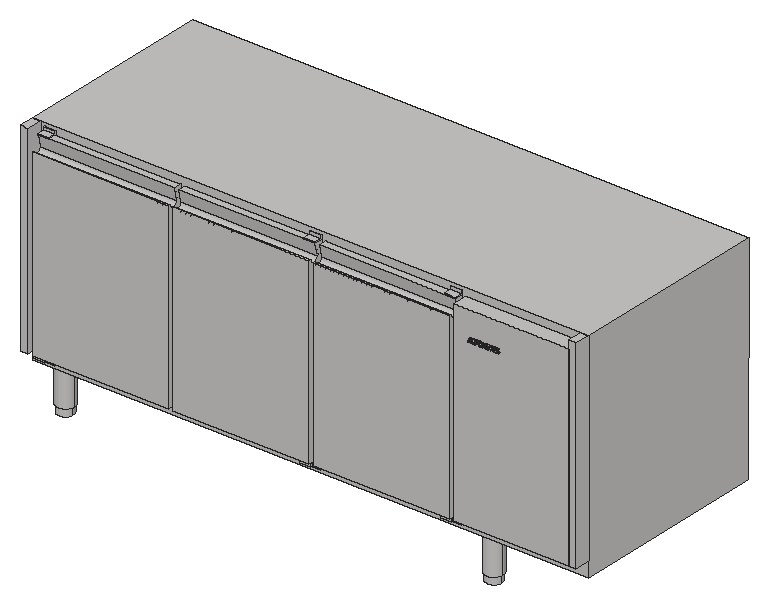
Revit family "QF_ALPENINOX_712277_AH3K5AAA", category Attrezzature speciali, Revit 2018
Family settings
  Quota connettore circolare = Usa diametro
  Tipo di parte = Normale
  Basato su piano di lavoro = No
  Sempre verticale = Sì
  Taglio con vuoti quando caricato = No
  Condiviso = No
  Punto di calcolo locali = No
Parameters (values of type "Standard")
  Weight = 120.00 kg
  Watts = 490 W
  Volts = 220 V
  URL Manufacturer = "http://www.alpeninox.com"
  URL = "http://www.alpeninox.com"
  Steam Supply Size = 0 mm
  Steam Supply Minimum Pressure = 0.0 Pa
  Steam Supply Maximum Pressure = 0.0 Pa
  Steam Consumption per Hour = 0
  Refrigeration Suction Line Size = 0 mm
  Refrigeration Liquid Line Size = 0 mm
  Refrigerant Compressor Remote = yes
  Produttore = "Alpeninox"
  Phase = 1
  Modello = "AH3K5AAA"
  Length Actual = 1795 mm  # constant formula
  Item Number = "712277"
  Hot Water Size = 0 mm
  Height Actual = 850 mm  # constant formula
  HP = "0.7 HP"
  Gas Size = 0 mm
  Gas KW = 0
  Gas Input Pressure = 0 W
  Direct Waste Size = 0 mm
  Descrizione = "FREEZ.COUNTER 440L 3xDOOR NOTOP CU_RGT GALV"
  Depth Actual = 700 mm  # constant formula
  Cycle = 50 Hz
  Condensate Return Size = 0 mm
  Compressed Air Volume = 0.0 L/s
  Compressed Air Size = 0 mm
  Compressed Air Pressure = 0.0 Pa
  Cold Water Size = 0 mm
  Accessory = yes
Values of the unnamed type that differ from the named types
  Weight = 0.00 kg
  Watts = 0 W
  Volts = 0 V
  URL Manufacturer = ""
  Item Number = ""
  HP = ""
  Cycle = 0 Hz
Reference planes
  plane 1: z = 0
  plane 2 "Center (Left/Right)": x = -126.5
  plane 3 "Center (Front/Back)": y = 64.5
  plane 4 "FEET": z = 150
  plane 5 "TOP": z = 900
  plane 6 "PLAIN": z = 850
  plane 7 "EI_back": y = 331
  plane 8 "EI_left": x = 687
  plane 9 "BACK": y = 412
  plane 10 "FRONT": y = -283
  plane 11 "DOOR": y = -233
  plane 12 "LEFT": x = -1024
  plane 13 "RIGHT": x = 771
  plane 14: x = -999
  plane 15: x = 746
Forms (mm)
  Extrusion 1, solid, material "QF_Finishes_Stainless Steel"
    sketch origin (-1022.223, -1524, 150) x (-1, 0, 0) y (0, -1, 0)
      loop
        circle (-1709.223, -1855) r 5
    from 0 to -40
  Extrusion 2, solid, material "QF_Finishes_Stainless Steel"
    sketch origin (-1022.223, -1524, 150) x (-1, 0, 0) y (0, -1, 0)
      loop
        line (-1768.223, -1291) -> (-1768.223, -1241) -> (-1793.223, -1241) -> (-1793.223, -1291) -> (-1768.223, -1291)
    from 48 to 700
  Extrusion 3, solid, material "QF_Finishes_Stainless Steel"
    sketch origin (-1022.223, -1524, 150) x (-1, 0, 0) y (0, -1, 0)
      loop
        line (1.777, -1936) -> (1.777, -1291) -> (-1793.223, -1291) -> (-1793.223, -1936) -> (1.777, -1936)
    from 0 to 700
  Extrusion 4, solid, material "QF_Finishes_Stainless Steel"
    sketch origin (769.223, -1524, 150) x (1, 0, 0) y (0, 1, 0)
      loop
        line (-1768.223, 1291) -> (-1793.223, 1291) -> (-1793.223, 1241) -> (-1768.223, 1241) -> (-1768.223, 1291)
    from 48 to 700
Lines and regions (mm)
  symbolic lines, style "SpecialityEquipmentHiddenLines"
    curve 1: line (-1024, 412, 150) -> (771, 412, 150)
    curve 2: line (-1024, -283, 150) -> (-1024, 412, 150)
    curve 3: line (771, -283, 150) -> (-1024, -283, 150)
    curve 4: line (771, 412, 150) -> (771, -283, 150)
    curve 5: line (-1024, -233, 150) -> (771, -233, 150)
    curve 6: line (746, -283, 150) -> (746, -233, 150)
    curve 7: line (-999, -283, 150) -> (-999, -233, 150)
Dimensions and locks
  plane 4 "FEET" to level = 150 mm
  plane 11 "DOOR" to plane 10 "FRONT" = 50 mm
  plane 6 "PLAIN" to plane 4 "FEET" = 700 mm
  plane 5 "TOP" to plane 6 "PLAIN" = 50 mm
  plane 12 "LEFT" to plane 14 = 25 mm
  plane 15 to plane 13 "RIGHT" = 25 mm
  plane 9 "BACK" to plane 7 "EI_back" = 81 mm
  plane 12 "LEFT" to plane 8 "EI_left" = 1711 mm
  plane 12 "LEFT" to plane 13 "RIGHT" = 1795 mm
  equal spacing: plane 12 "LEFT", plane 2 "Center (Left/Right)", plane 13 "RIGHT"
  plane 9 "BACK" to plane 10 "FRONT" = 695 mm
  equal spacing: plane 9 "BACK", plane 3 "Center (Front/Back)", plane 10 "FRONT"
  aligned and locked: level to plane 1
Automatic sketch dimensions
  Extrusion 1 sketch curve to plane 7 "EI_back" = 0 mm
  Extrusion 1 sketch curve to plane 8 "EI_left" = 0 mm
  Extrusion 2 sketch curve to plane 11 "DOOR" = 0 mm
  Extrusion 2 sketch curve to plane 13 "RIGHT" = 0 mm
  Extrusion 2 sketch curve to plane 10 "FRONT" = 0 mm
  Extrusion 2 sketch curve to plane 15 = 0 mm
  Extrusion 3 sketch curve to plane 9 "BACK" = 0 mm
  Extrusion 3 sketch curve to plane 13 "RIGHT" = 0 mm
  Extrusion 3 sketch curve to plane 11 "DOOR" = 0 mm
  Extrusion 3 sketch curve to plane 12 "LEFT" = 0 mm
  curve 4 to plane 10 "FRONT" = 0 mm
  curve 4 to plane 13 "RIGHT" = 0 mm
  curve 6 to plane 15 = 0 mm
  curve 7 to plane 11 "DOOR" = 0 mm
  curve 7 to plane 14 = 0 mm
  curve 3 to plane 12 "LEFT" = 0 mm
  curve 1 to plane 9 "BACK" = 0 mm
  Extrusion 4 sketch curve to plane 11 "DOOR" = 0 mm
  Extrusion 4 sketch curve to plane 12 "LEFT" = 0 mm
  Extrusion 4 sketch curve to plane 10 "FRONT" = 0 mm
  Extrusion 4 sketch curve to plane 14 = 0 mm
  radius of Extrusion 1 sketch curve = 5 mm
Nested families
  nested 1: "HPP_Freezer" at (771, -283, 0), type "HPP_Freezer"
  nested 2: "HPP_FEET" at (-958, 331, 0), type "HPP_FEET"
  nested 3: "HPP_FEET" at (426, 331, 0), type "HPP_FEET"
  nested 4: "HPP_FEET" at (-958, -183, 0), type "HPP_FEET"
  nested 5: "HPP_FEET" at (426, -183, 0), type "HPP_FEET"
  nested 6: "HPP_APX_BI_BT_R" at (571.42, -233, 598) x (1, 0, 0) z (0, -1, 0), type "HPP_APX_BI_BT_R"
    with Show Logo yes
  nested 7: "HPP_APX_SD_L" at (-765, -233, 512) x (1, 0, 0) z (0, -1, 0), type "HPP_APX_SD_L"
    with Show Clearance yes
  nested 8: "HPP_APX_SD_R" at (-311, -233, 512) x (1, 0, 0) z (0, -1, 0), type "HPP_APX_SD_R"
    with Show Clearance yes
  nested 9: "HPP_APX_SD_R" at (143, -233, 512) x (1, 0, 0) z (0, -1, 0), type "HPP_APX_SD_R"
    with Show Clearance yes
Connectors
  electrical at (687, 331, 110), driven by "Volts"
    settings: on Extrusion 1, index 1, voltage 220 V, apparent load 0 VA, apparent load phase1 0 VA, apparent load phase2 0 VA, apparent load phase3 0 VA, power factor 1, load classification "Other", number of poles 1, system type 31, power factor state 1, is connector primary yes, connector utility no, sub classification motor no, connector description "Electrical Connection"
Definition of nested family "HPP_FEET"
  Parameters
    FEET = 150 mm
  Reference planes
    plane 1 "Center (Front/Back)": y = 0
    plane 2: z = 0
    plane 3 "Center (Left/Right)": x = 0
    plane 4: z = 150
  Forms (mm)
    Revolve 1, solid
      sketch origin (255.05, 0, 608.09) x (0, 0, 1) y (-1, 0, 0)
        loop
          line (-608.09, 255.05) -> (-608.09, 230.05) -> (-583.09, 230.05) -> (-583.09, 226.05) -> (-458.09, 226.05) -> (-458.09, 255.05) -> (-608.09, 255.05)
        axis (-608.09, 255.05) -> (-458.09, 255.05)
      angle from 0 to 360
  Dimensions and locks
    locked: Revolve 1 sketch curve to Revolve 1 sketch curve at 125
    "FEET": plane 4 to plane 2
    aligned and locked: level to plane 2
    aligned and locked: plane 4 to Revolve 1 sketch curve
    aligned and locked: Revolve 1 sketch curve to level
    aligned and locked: plane 3 "Center (Left/Right)" to Revolve 1 sketch curve
  Automatic sketch dimensions
    Revolve 1 sketch curve to plane 3 "Center (Left/Right)" = 0 mm
    Revolve 1 sketch curve to Revolve 1 sketch curve = 25 mm
    Revolve 1 sketch curve to Revolve 1 sketch curve = 29 mm
    plane 4 to Revolve 1 sketch curve = 50 mm
    Revolve 1 sketch curve to Revolve 1 sketch curve = 20 mm
Definition of nested family "HPP_APX_BI_BT_R"
  Parameters
    Show Logo [instance] = yes
    Default Elevation = 1219.2 mm
  Reference planes
    plane 1 "Center (Front/Back)": y = -86
    plane 2: z = 0
    plane 3 "Center (Left/Right)": x = -9.92
    plane 4: x = -194.42
    plane 5: x = 174.58
    plane 6: y = 228
    plane 7: y = -400
  Forms (mm)
    Extrusion 1, solid
      sketch origin (0, 0, 0) x (1, 0, 0) y (0, 1, 0)
        loop
          line (-1219.2, 1219.2) -> (-1219.2, -1219.2) -> (1219.2, -1219.2) -> (1219.2, 1219.2) -> (-1219.2, 1219.2)
      from 0 to -304.8
    Extrusion 2, solid
      sketch origin (0, 0, 0) x (1, 0, 0) y (0, 1, 0)
        loop
          line (-194.42, 228) -> (-194.42, -400) -> (174.58, -400) -> (174.58, 228) -> (-194.42, 228)
      from 0 to 50
    Extrusion 3, solid
      sketch origin (12.318, -23.125, 0) x (1, 0, 0) y (0, 1, 0)
        loop
          line (-156.175, 170.349) -> (-159.911, 160.318)
          arc (-159.911, 160.318) -> (-159.124, 158.497) -> (-157.337, 159.36) r 1.374
          line (-157.337, 159.36) -> (-156.768, 161.111) -> (-151.6, 161.111) -> (-151.04, 159.379)
          arc (-151.04, 159.379) -> (-149.302, 158.542) -> (-148.549, 160.318) r 1.333
          line (-148.549, 160.318) -> (-152.194, 170.349)
          arc (-152.194, 170.349) -> (-154.185, 171.876) -> (-156.175, 170.349) r 2.06
        loop
          line (-154.181, 169.055) -> (-155.969, 163.655) -> (-152.435, 163.655) -> (-154.181, 169.055)
        loop
          arc (-147.205, 160.042) -> (-146.762, 158.973) -> (-145.694, 158.531) r 1.512
          line (-145.694, 158.531) -> (-141.108, 158.531)
          arc (-141.108, 158.531) -> (-139.837, 159.802) -> (-141.108, 161.074) r 1.272
          line (-141.108, 161.074) -> (-144.417, 161.074) -> (-144.417, 170.328)
          arc (-144.417, 170.328) -> (-145.811, 171.722) -> (-147.205, 170.328) r 1.394
          line (-147.205, 170.328) -> (-147.205, 160.042)
        loop
          line (-138.576, 170.218) -> (-138.576, 159.859)
          arc (-138.576, 159.859) -> (-137.183, 158.466) -> (-135.79, 159.859) r 1.393
          line (-135.79, 159.859) -> (-135.79, 162.882) -> (-133.725, 162.882)
          arc (-133.725, 162.882) -> (-130.499, 163.859) -> (-129.108, 166.928) r 4.082
          arc (-129.108, 166.928) -> (-130.493, 170.272) -> (-133.836, 171.657) r 4.728
          line (-133.836, 171.657) -> (-137.138, 171.657)
          arc (-137.138, 171.657) -> (-138.155, 171.235) -> (-138.576, 170.218) r 1.439
        loop
          line (-135.79, 165.313) -> (-133.888, 165.313)
          arc (-133.888, 165.313) -> (-131.933, 167.268) -> (-133.888, 169.222) r 1.955
          line (-133.888, 169.222) -> (-135.79, 169.222) -> (-135.79, 165.313)
        loop
          arc (-118.684, 166.332) -> (-119.504, 168.2) -> (-121.267, 169.228) r 3.3
          arc (-121.267, 169.228) -> (-123.853, 168.661) -> (-125.111, 166.332) r 3.176
          line (-125.111, 166.332) -> (-118.684, 166.332)
        loop
          line (-125.038, 163.743) -> (-118.044, 163.743)
          arc (-118.044, 163.743) -> (-116.792, 163.916) -> (-115.801, 164.701) r 2.4
          arc (-115.801, 164.701) -> (-115.655, 165.545) -> (-115.712, 166.399) r 3.635
          arc (-115.712, 166.399) -> (-117.864, 170.162) -> (-121.89, 171.769) r 6.579
          arc (-121.89, 171.769) -> (-126.418, 169.706) -> (-128.161, 165.044) r 6.501
          arc (-128.161, 165.044) -> (-126.776, 160.789) -> (-122.901, 158.549) r 6.252
          arc (-122.901, 158.549) -> (-120.422, 158.526) -> (-118.044, 159.232) r 8.361
          arc (-118.044, 159.232) -> (-116.966, 159.781) -> (-116.141, 160.666) r 3.486
          arc (-116.141, 160.666) -> (-115.919, 161.592) -> (-116.328, 162.451) r 1.425
          arc (-116.328, 162.451) -> (-116.868, 162.762) -> (-117.49, 162.762) r 1.203
          arc (-117.49, 162.762) -> (-117.906, 162.59) -> (-118.264, 162.316) r 1.724
          arc (-118.264, 162.316) -> (-119.166, 161.705) -> (-120.146, 161.229) r 7.6
          arc (-120.146, 161.229) -> (-123.176, 161.35) -> (-125.038, 163.743) r 3.6
        loop
          line (-114.169, 170.328) -> (-114.169, 159.859)
          arc (-114.169, 159.859) -> (-112.773, 158.463) -> (-111.378, 159.859) r 1.396
          line (-111.378, 159.859) -> (-111.378, 166.785) -> (-105.446, 159.029)
          arc (-105.446, 159.029) -> (-103.861, 158.51) -> (-102.879, 159.859) r 1.417
          line (-102.879, 159.859) -> (-102.879, 170.328)
          arc (-102.879, 170.328) -> (-104.274, 171.723) -> (-105.669, 170.328) r 1.395
          line (-105.669, 170.328) -> (-105.669, 163.311) -> (-111.601, 171.157)
          arc (-111.601, 171.157) -> (-113.187, 171.678) -> (-114.169, 170.328) r 1.418
        loop
          arc (-101.136, 159.859) -> (-99.741, 158.464) -> (-98.347, 159.859) r 1.394
          line (-98.347, 159.859) -> (-98.347, 170.328)
          arc (-98.347, 170.328) -> (-99.741, 171.723) -> (-101.136, 170.328) r 1.394
          line (-101.136, 170.328) -> (-101.136, 159.859)
        loop
          line (-96.602, 170.328) -> (-96.602, 159.859)
          arc (-96.602, 159.859) -> (-95.206, 158.463) -> (-93.81, 159.859) r 1.396
          line (-93.81, 159.859) -> (-93.81, 166.785) -> (-87.878, 159.029)
          arc (-87.878, 159.029) -> (-86.293, 158.51) -> (-85.312, 159.859) r 1.417
          line (-85.312, 159.859) -> (-85.312, 170.328)
          arc (-85.312, 170.328) -> (-86.707, 171.723) -> (-88.102, 170.328) r 1.395
          line (-88.102, 170.328) -> (-88.102, 163.311) -> (-94.033, 171.157)
          arc (-94.033, 171.157) -> (-95.619, 171.678) -> (-96.602, 170.328) r 1.418
        loop
          arc (-83.845, 165.093) -> (-83.119, 161.877) -> (-80.967, 159.379) r 6.806
          arc (-80.967, 159.379) -> (-79.292, 158.566) -> (-77.448, 158.31) r 5.956
          arc (-77.448, 158.31) -> (-75.604, 158.566) -> (-73.93, 159.379) r 5.956
          arc (-73.93, 159.379) -> (-71.777, 161.877) -> (-71.051, 165.093) r 6.806
          arc (-71.051, 165.093) -> (-71.777, 168.31) -> (-73.93, 170.808) r 6.806
          arc (-73.93, 170.808) -> (-75.604, 171.621) -> (-77.448, 171.877) r 5.956
          arc (-77.448, 171.877) -> (-79.292, 171.621) -> (-80.967, 170.808) r 5.956
          arc (-80.967, 170.808) -> (-83.119, 168.31) -> (-83.845, 165.093) r 6.806
        loop
          arc (-80.925, 165.093) -> (-80.638, 163.212) -> (-79.581, 161.629) r 4.387
          arc (-79.581, 161.629) -> (-78.587, 161.049) -> (-77.448, 160.881) r 3.035
          arc (-77.448, 160.881) -> (-76.309, 161.049) -> (-75.315, 161.629) r 3.035
          arc (-75.315, 161.629) -> (-74.259, 163.212) -> (-73.972, 165.093) r 4.387
          arc (-73.972, 165.093) -> (-74.259, 166.975) -> (-75.315, 168.558) r 4.387
          arc (-75.315, 168.558) -> (-76.309, 169.138) -> (-77.448, 169.306) r 3.035
          arc (-77.448, 169.306) -> (-78.587, 169.138) -> (-79.581, 168.558) r 3.035
          arc (-79.581, 168.558) -> (-80.638, 166.975) -> (-80.925, 165.093) r 4.387
        loop
          line (-70.639, 169.609) -> (-67.626, 165.552) -> (-71.31, 160.652)
          arc (-71.31, 160.652) -> (-71.012, 158.692) -> (-69.059, 159.029) r 1.388
          line (-69.059, 159.029) -> (-66.01, 163.232) -> (-62.961, 159.029)
          arc (-62.961, 159.029) -> (-61.007, 158.692) -> (-60.71, 160.652) r 1.388
          line (-60.71, 160.652) -> (-64.394, 165.552) -> (-61.381, 169.609)
          arc (-61.381, 169.609) -> (-61.749, 171.597) -> (-63.705, 171.084) r 1.38
          line (-63.705, 171.084) -> (-66.01, 167.841) -> (-68.315, 171.084)
          arc (-68.315, 171.084) -> (-70.271, 171.597) -> (-70.639, 169.609) r 1.38
      from 50 to 51.6
  Lines and regions (mm)
    Split face 1
      outline origin (-125.5, 0, 50) x (1, 0, 0) y (0, 1, 0)
        loop
          line (107.08, 153) -> (107.08, 130) -> (177.08, 130) -> (177.08, 153) -> (107.08, 153)
    Split face 2
      outline origin (-100.5, 0, 50) x (1, 0, 0) y (0, 1, 0)
        loop
          line (132.08, 150) -> (132.08, 133) -> (149.08, 133) -> (149.08, 150) -> (132.08, 150)
    Split face 3
      outline origin (0, 0, 50) x (1, 0, 0) y (0, 1, 0)
        loop
          line (-194.42, 164) -> (174.58, 164)
    Split face 4
      outline origin (-17.5, 0, 50) x (1, 0, 0) y (0, 1, 0)
        loop
          arc (-150.964, 107.824) -> (-154.964, 103.824) -> (-150.964, 99.824) r 4
          line (-150.964, 99.824) -> (-108.964, 99.824)
          arc (-108.964, 99.824) -> (-104.964, 103.824) -> (-108.964, 107.824) r 4
          line (-108.964, 107.824) -> (-150.964, 107.824)
    Split face 5
      outline origin (337.5, 0, 50) x (1, 0, 0) y (0, 1, 0)
        loop
          arc (-340.964, 107.824) -> (-344.964, 103.824) -> (-340.964, 99.824) r 4
          line (-340.964, 99.824) -> (-298.964, 99.824)
          arc (-298.964, 99.824) -> (-294.964, 103.824) -> (-298.964, 107.824) r 4
          line (-298.964, 107.824) -> (-340.964, 107.824)
    Split face 6
      outline origin (92.5, 0, 50) x (1, 0, 0) y (0, 1, 0)
        loop
          arc (-205.964, 107.824) -> (-209.964, 103.824) -> (-205.964, 99.824) r 4
          line (-205.964, 99.824) -> (-163.964, 99.824)
          arc (-163.964, 99.824) -> (-159.964, 103.824) -> (-163.964, 107.824) r 4
          line (-163.964, 107.824) -> (-205.964, 107.824)
    Split face 7
      outline origin (-17.5, -24, 50) x (1, 0, 0) y (0, 1, 0)
        loop
          arc (-150.964, 119.824) -> (-154.964, 115.824) -> (-150.964, 111.824) r 4
          line (-150.964, 111.824) -> (-108.964, 111.824)
          arc (-108.964, 111.824) -> (-104.964, 115.824) -> (-108.964, 119.824) r 4
          line (-108.964, 119.824) -> (-150.964, 119.824)
    Split face 8
      outline origin (337.5, -24, 50) x (1, 0, 0) y (0, 1, 0)
        loop
          arc (-340.964, 119.824) -> (-344.964, 115.824) -> (-340.964, 111.824) r 4
          line (-340.964, 111.824) -> (-298.964, 111.824)
          arc (-298.964, 111.824) -> (-294.964, 115.824) -> (-298.964, 119.824) r 4
          line (-298.964, 119.824) -> (-340.964, 119.824)
    Split face 9
      outline origin (92.5, -24, 50) x (1, 0, 0) y (0, 1, 0)
        loop
          arc (-205.964, 119.824) -> (-209.964, 115.824) -> (-205.964, 111.824) r 4
          line (-205.964, 111.824) -> (-163.964, 111.824)
          arc (-163.964, 111.824) -> (-159.964, 115.824) -> (-163.964, 119.824) r 4
          line (-163.964, 119.824) -> (-205.964, 119.824)
    Split face 10
      outline origin (-17.5, -48, 50) x (1, 0, 0) y (0, 1, 0)
        loop
          arc (-150.964, 131.824) -> (-154.964, 127.824) -> (-150.964, 123.824) r 4
          line (-150.964, 123.824) -> (-108.964, 123.824)
          arc (-108.964, 123.824) -> (-104.964, 127.824) -> (-108.964, 131.824) r 4
          line (-108.964, 131.824) -> (-150.964, 131.824)
    Split face 11
      outline origin (337.5, -48, 50) x (1, 0, 0) y (0, 1, 0)
        loop
          arc (-340.964, 131.824) -> (-344.964, 127.824) -> (-340.964, 123.824) r 4
          line (-340.964, 123.824) -> (-298.964, 123.824)
          arc (-298.964, 123.824) -> (-294.964, 127.824) -> (-298.964, 131.824) r 4
          line (-298.964, 131.824) -> (-340.964, 131.824)
    Split face 12
      outline origin (92.5, -48, 50) x (1, 0, 0) y (0, 1, 0)
        loop
          arc (-205.964, 131.824) -> (-209.964, 127.824) -> (-205.964, 123.824) r 4
          line (-205.964, 123.824) -> (-163.964, 123.824)
          arc (-163.964, 123.824) -> (-159.964, 127.824) -> (-163.964, 131.824) r 4
          line (-163.964, 131.824) -> (-205.964, 131.824)
    Split face 13
      outline origin (-17.5, -72, 50) x (1, 0, 0) y (0, 1, 0)
        loop
          arc (-150.964, 143.824) -> (-154.964, 139.824) -> (-150.964, 135.824) r 4
          line (-150.964, 135.824) -> (-108.964, 135.824)
          arc (-108.964, 135.824) -> (-104.964, 139.824) -> (-108.964, 143.824) r 4
          line (-108.964, 143.824) -> (-150.964, 143.824)
    Split face 14
      outline origin (337.5, -72, 50) x (1, 0, 0) y (0, 1, 0)
        loop
          arc (-340.964, 143.824) -> (-344.964, 139.824) -> (-340.964, 135.824) r 4
          line (-340.964, 135.824) -> (-298.964, 135.824)
          arc (-298.964, 135.824) -> (-294.964, 139.824) -> (-298.964, 143.824) r 4
          line (-298.964, 143.824) -> (-340.964, 143.824)
    Split face 15
      outline origin (92.5, -72, 50) x (1, 0, 0) y (0, 1, 0)
        loop
          arc (-205.964, 143.824) -> (-209.964, 139.824) -> (-205.964, 135.824) r 4
          line (-205.964, 135.824) -> (-163.964, 135.824)
          arc (-163.964, 135.824) -> (-159.964, 139.824) -> (-163.964, 143.824) r 4
          line (-163.964, 143.824) -> (-205.964, 143.824)
    Split face 16
      outline origin (-17.5, -96, 50) x (1, 0, 0) y (0, 1, 0)
        loop
          arc (-150.964, 155.824) -> (-154.964, 151.824) -> (-150.964, 147.824) r 4
          line (-150.964, 147.824) -> (-108.964, 147.824)
          arc (-108.964, 147.824) -> (-104.964, 151.824) -> (-108.964, 155.824) r 4
          line (-108.964, 155.824) -> (-150.964, 155.824)
    Split face 17
      outline origin (337.5, -96, 50) x (1, 0, 0) y (0, 1, 0)
        loop
          arc (-340.964, 155.824) -> (-344.964, 151.824) -> (-340.964, 147.824) r 4
          line (-340.964, 147.824) -> (-298.964, 147.824)
          arc (-298.964, 147.824) -> (-294.964, 151.824) -> (-298.964, 155.824) r 4
          line (-298.964, 155.824) -> (-340.964, 155.824)
    Split face 18
      outline origin (92.5, -96, 50) x (1, 0, 0) y (0, 1, 0)
        loop
          arc (-205.964, 155.824) -> (-209.964, 151.824) -> (-205.964, 147.824) r 4
          line (-205.964, 147.824) -> (-163.964, 147.824)
          arc (-163.964, 147.824) -> (-159.964, 151.824) -> (-163.964, 155.824) r 4
          line (-163.964, 155.824) -> (-205.964, 155.824)
    Split face 19
      outline origin (-17.5, -120, 50) x (1, 0, 0) y (0, 1, 0)
        loop
          arc (-150.964, 167.824) -> (-154.964, 163.824) -> (-150.964, 159.824) r 4
          line (-150.964, 159.824) -> (-108.964, 159.824)
          arc (-108.964, 159.824) -> (-104.964, 163.824) -> (-108.964, 167.824) r 4
          line (-108.964, 167.824) -> (-150.964, 167.824)
    Split face 20
      outline origin (337.5, -120, 50) x (1, 0, 0) y (0, 1, 0)
        loop
          arc (-340.964, 167.824) -> (-344.964, 163.824) -> (-340.964, 159.824) r 4
          line (-340.964, 159.824) -> (-298.964, 159.824)
          arc (-298.964, 159.824) -> (-294.964, 163.824) -> (-298.964, 167.824) r 4
          line (-298.964, 167.824) -> (-340.964, 167.824)
    Split face 21
      outline origin (92.5, -120, 50) x (1, 0, 0) y (0, 1, 0)
        loop
          arc (-205.964, 167.824) -> (-209.964, 163.824) -> (-205.964, 159.824) r 4
          line (-205.964, 159.824) -> (-163.964, 159.824)
          arc (-163.964, 159.824) -> (-159.964, 163.824) -> (-163.964, 167.824) r 4
          line (-163.964, 167.824) -> (-205.964, 167.824)
    Split face 22
      outline origin (-17.5, -144, 50) x (1, 0, 0) y (0, 1, 0)
        loop
          arc (-150.964, 179.824) -> (-154.964, 175.824) -> (-150.964, 171.824) r 4
          line (-150.964, 171.824) -> (-108.964, 171.824)
          arc (-108.964, 171.824) -> (-104.964, 175.824) -> (-108.964, 179.824) r 4
          line (-108.964, 179.824) -> (-150.964, 179.824)
    Split face 23
      outline origin (337.5, -144, 50) x (1, 0, 0) y (0, 1, 0)
        loop
          arc (-340.964, 179.824) -> (-344.964, 175.824) -> (-340.964, 171.824) r 4
          line (-340.964, 171.824) -> (-298.964, 171.824)
          arc (-298.964, 171.824) -> (-294.964, 175.824) -> (-298.964, 179.824) r 4
          line (-298.964, 179.824) -> (-340.964, 179.824)
    Split face 24
      outline origin (92.5, -144, 50) x (1, 0, 0) y (0, 1, 0)
        loop
          arc (-205.964, 179.824) -> (-209.964, 175.824) -> (-205.964, 171.824) r 4
          line (-205.964, 171.824) -> (-163.964, 171.824)
          arc (-163.964, 171.824) -> (-159.964, 175.824) -> (-163.964, 179.824) r 4
          line (-163.964, 179.824) -> (-205.964, 179.824)
    Split face 25
      outline origin (-17.5, -168, 50) x (1, 0, 0) y (0, 1, 0)
        loop
          arc (-150.964, 191.824) -> (-154.964, 187.824) -> (-150.964, 183.824) r 4
          line (-150.964, 183.824) -> (-108.964, 183.824)
          arc (-108.964, 183.824) -> (-104.964, 187.824) -> (-108.964, 191.824) r 4
          line (-108.964, 191.824) -> (-150.964, 191.824)
    Split face 26
      outline origin (337.5, -168, 50) x (1, 0, 0) y (0, 1, 0)
        loop
          arc (-340.964, 191.824) -> (-344.964, 187.824) -> (-340.964, 183.824) r 4
          line (-340.964, 183.824) -> (-298.964, 183.824)
          arc (-298.964, 183.824) -> (-294.964, 187.824) -> (-298.964, 191.824) r 4
          line (-298.964, 191.824) -> (-340.964, 191.824)
    Split face 27
      outline origin (92.5, -168, 50) x (1, 0, 0) y (0, 1, 0)
        loop
          arc (-205.964, 191.824) -> (-209.964, 187.824) -> (-205.964, 183.824) r 4
          line (-205.964, 183.824) -> (-163.964, 183.824)
          arc (-163.964, 183.824) -> (-159.964, 187.824) -> (-163.964, 191.824) r 4
          line (-163.964, 191.824) -> (-205.964, 191.824)
    Split face 28
      outline origin (-17.5, -192, 50) x (1, 0, 0) y (0, 1, 0)
        loop
          arc (-150.964, 203.824) -> (-154.964, 199.824) -> (-150.964, 195.824) r 4
          line (-150.964, 195.824) -> (-108.964, 195.824)
          arc (-108.964, 195.824) -> (-104.964, 199.824) -> (-108.964, 203.824) r 4
          line (-108.964, 203.824) -> (-150.964, 203.824)
    Split face 29
      outline origin (337.5, -192, 50) x (1, 0, 0) y (0, 1, 0)
        loop
          arc (-340.964, 203.824) -> (-344.964, 199.824) -> (-340.964, 195.824) r 4
          line (-340.964, 195.824) -> (-298.964, 195.824)
          arc (-298.964, 195.824) -> (-294.964, 199.824) -> (-298.964, 203.824) r 4
          line (-298.964, 203.824) -> (-340.964, 203.824)
    Split face 30
      outline origin (92.5, -192, 50) x (1, 0, 0) y (0, 1, 0)
        loop
          arc (-205.964, 203.824) -> (-209.964, 199.824) -> (-205.964, 195.824) r 4
          line (-205.964, 195.824) -> (-163.964, 195.824)
          arc (-163.964, 195.824) -> (-159.964, 199.824) -> (-163.964, 203.824) r 4
          line (-163.964, 203.824) -> (-205.964, 203.824)
    Split face 31
      outline origin (-17.5, -216, 50) x (1, 0, 0) y (0, 1, 0)
        loop
          arc (-150.964, 215.824) -> (-154.964, 211.824) -> (-150.964, 207.824) r 4
          line (-150.964, 207.824) -> (-108.964, 207.824)
          arc (-108.964, 207.824) -> (-104.964, 211.824) -> (-108.964, 215.824) r 4
          line (-108.964, 215.824) -> (-150.964, 215.824)
    Split face 32
      outline origin (337.5, -216, 50) x (1, 0, 0) y (0, 1, 0)
        loop
          arc (-340.964, 215.824) -> (-344.964, 211.824) -> (-340.964, 207.824) r 4
          line (-340.964, 207.824) -> (-298.964, 207.824)
          arc (-298.964, 207.824) -> (-294.964, 211.824) -> (-298.964, 215.824) r 4
          line (-298.964, 215.824) -> (-340.964, 215.824)
    Split face 33
      outline origin (92.5, -216, 50) x (1, 0, 0) y (0, 1, 0)
        loop
          arc (-205.964, 215.824) -> (-209.964, 211.824) -> (-205.964, 207.824) r 4
          line (-205.964, 207.824) -> (-163.964, 207.824)
          arc (-163.964, 207.824) -> (-159.964, 211.824) -> (-163.964, 215.824) r 4
          line (-163.964, 215.824) -> (-205.964, 215.824)
    Split face 34
      outline origin (-17.5, -240, 50) x (1, 0, 0) y (0, 1, 0)
        loop
          arc (-150.964, 227.824) -> (-154.964, 223.824) -> (-150.964, 219.824) r 4
          line (-150.964, 219.824) -> (-108.964, 219.824)
          arc (-108.964, 219.824) -> (-104.964, 223.824) -> (-108.964, 227.824) r 4
          line (-108.964, 227.824) -> (-150.964, 227.824)
    Split face 35
      outline origin (337.5, -240, 50) x (1, 0, 0) y (0, 1, 0)
        loop
          arc (-340.964, 227.824) -> (-344.964, 223.824) -> (-340.964, 219.824) r 4
          line (-340.964, 219.824) -> (-298.964, 219.824)
          arc (-298.964, 219.824) -> (-294.964, 223.824) -> (-298.964, 227.824) r 4
          line (-298.964, 227.824) -> (-340.964, 227.824)
    Split face 36
      outline origin (92.5, -240, 50) x (1, 0, 0) y (0, 1, 0)
        loop
          arc (-205.964, 227.824) -> (-209.964, 223.824) -> (-205.964, 219.824) r 4
          line (-205.964, 219.824) -> (-163.964, 219.824)
          arc (-163.964, 219.824) -> (-159.964, 223.824) -> (-163.964, 227.824) r 4
          line (-163.964, 227.824) -> (-205.964, 227.824)
    Split face 37
      outline origin (-17.5, -264, 50) x (1, 0, 0) y (0, 1, 0)
        loop
          arc (-150.964, 239.824) -> (-154.964, 235.824) -> (-150.964, 231.824) r 4
          line (-150.964, 231.824) -> (-108.964, 231.824)
          arc (-108.964, 231.824) -> (-104.964, 235.824) -> (-108.964, 239.824) r 4
          line (-108.964, 239.824) -> (-150.964, 239.824)
    Split face 38
      outline origin (337.5, -264, 50) x (1, 0, 0) y (0, 1, 0)
        loop
          arc (-340.964, 239.824) -> (-344.964, 235.824) -> (-340.964, 231.824) r 4
          line (-340.964, 231.824) -> (-298.964, 231.824)
          arc (-298.964, 231.824) -> (-294.964, 235.824) -> (-298.964, 239.824) r 4
          line (-298.964, 239.824) -> (-340.964, 239.824)
    Split face 39
      outline origin (92.5, -264, 50) x (1, 0, 0) y (0, 1, 0)
        loop
          arc (-205.964, 239.824) -> (-209.964, 235.824) -> (-205.964, 231.824) r 4
          line (-205.964, 231.824) -> (-163.964, 231.824)
          arc (-163.964, 231.824) -> (-159.964, 235.824) -> (-163.964, 239.824) r 4
          line (-163.964, 239.824) -> (-205.964, 239.824)
    Split face 40
      outline origin (-17.5, -288, 50) x (1, 0, 0) y (0, 1, 0)
        loop
          arc (-150.964, 251.824) -> (-154.964, 247.824) -> (-150.964, 243.824) r 4
          line (-150.964, 243.824) -> (-108.964, 243.824)
          arc (-108.964, 243.824) -> (-104.964, 247.824) -> (-108.964, 251.824) r 4
          line (-108.964, 251.824) -> (-150.964, 251.824)
    Split face 41
      outline origin (337.5, -288, 50) x (1, 0, 0) y (0, 1, 0)
        loop
          arc (-340.964, 251.824) -> (-344.964, 247.824) -> (-340.964, 243.824) r 4
          line (-340.964, 243.824) -> (-298.964, 243.824)
          arc (-298.964, 243.824) -> (-294.964, 247.824) -> (-298.964, 251.824) r 4
          line (-298.964, 251.824) -> (-340.964, 251.824)
    Split face 42
      outline origin (92.5, -288, 50) x (1, 0, 0) y (0, 1, 0)
        loop
          arc (-205.964, 251.824) -> (-209.964, 247.824) -> (-205.964, 243.824) r 4
          line (-205.964, 243.824) -> (-163.964, 243.824)
          arc (-163.964, 243.824) -> (-159.964, 247.824) -> (-163.964, 251.824) r 4
          line (-163.964, 251.824) -> (-205.964, 251.824)
    Split face 43
      outline origin (-17.5, -312, 50) x (1, 0, 0) y (0, 1, 0)
        loop
          arc (-150.964, 263.824) -> (-154.964, 259.824) -> (-150.964, 255.824) r 4
          line (-150.964, 255.824) -> (-108.964, 255.824)
          arc (-108.964, 255.824) -> (-104.964, 259.824) -> (-108.964, 263.824) r 4
          line (-108.964, 263.824) -> (-150.964, 263.824)
    Split face 44
      outline origin (337.5, -312, 50) x (1, 0, 0) y (0, 1, 0)
        loop
          arc (-340.964, 263.824) -> (-344.964, 259.824) -> (-340.964, 255.824) r 4
          line (-340.964, 255.824) -> (-298.964, 255.824)
          arc (-298.964, 255.824) -> (-294.964, 259.824) -> (-298.964, 263.824) r 4
          line (-298.964, 263.824) -> (-340.964, 263.824)
    Split face 45
      outline origin (92.5, -312, 50) x (1, 0, 0) y (0, 1, 0)
        loop
          arc (-205.964, 263.824) -> (-209.964, 259.824) -> (-205.964, 255.824) r 4
          line (-205.964, 255.824) -> (-163.964, 255.824)
          arc (-163.964, 255.824) -> (-159.964, 259.824) -> (-163.964, 263.824) r 4
          line (-163.964, 263.824) -> (-205.964, 263.824)
    Split face 46
      outline origin (-17.5, -336, 50) x (1, 0, 0) y (0, 1, 0)
        loop
          arc (-150.964, 275.824) -> (-154.964, 271.824) -> (-150.964, 267.824) r 4
          line (-150.964, 267.824) -> (-108.964, 267.824)
          arc (-108.964, 267.824) -> (-104.964, 271.824) -> (-108.964, 275.824) r 4
          line (-108.964, 275.824) -> (-150.964, 275.824)
    Split face 47
      outline origin (337.5, -336, 50) x (1, 0, 0) y (0, 1, 0)
        loop
          arc (-340.964, 275.824) -> (-344.964, 271.824) -> (-340.964, 267.824) r 4
          line (-340.964, 267.824) -> (-298.964, 267.824)
          arc (-298.964, 267.824) -> (-294.964, 271.824) -> (-298.964, 275.824) r 4
          line (-298.964, 275.824) -> (-340.964, 275.824)
    Split face 48
      outline origin (92.5, -336, 50) x (1, 0, 0) y (0, 1, 0)
        loop
          arc (-205.964, 275.824) -> (-209.964, 271.824) -> (-205.964, 267.824) r 4
          line (-205.964, 267.824) -> (-163.964, 267.824)
          arc (-163.964, 267.824) -> (-159.964, 271.824) -> (-163.964, 275.824) r 4
          line (-163.964, 275.824) -> (-205.964, 275.824)
    Split face 49
      outline origin (-17.5, -360, 50) x (1, 0, 0) y (0, 1, 0)
        loop
          arc (-150.964, 287.824) -> (-154.964, 283.824) -> (-150.964, 279.824) r 4
          line (-150.964, 279.824) -> (-108.964, 279.824)
          arc (-108.964, 279.824) -> (-104.964, 283.824) -> (-108.964, 287.824) r 4
          line (-108.964, 287.824) -> (-150.964, 287.824)
    Split face 50
      outline origin (337.5, -360, 50) x (1, 0, 0) y (0, 1, 0)
        loop
          arc (-340.964, 287.824) -> (-344.964, 283.824) -> (-340.964, 279.824) r 4
          line (-340.964, 279.824) -> (-298.964, 279.824)
          arc (-298.964, 279.824) -> (-294.964, 283.824) -> (-298.964, 287.824) r 4
          line (-298.964, 287.824) -> (-340.964, 287.824)
    Split face 51
      outline origin (92.5, -360, 50) x (1, 0, 0) y (0, 1, 0)
        loop
          arc (-205.964, 287.824) -> (-209.964, 283.824) -> (-205.964, 279.824) r 4
          line (-205.964, 279.824) -> (-163.964, 279.824)
          arc (-163.964, 279.824) -> (-159.964, 283.824) -> (-163.964, 287.824) r 4
          line (-163.964, 287.824) -> (-205.964, 287.824)
    Split face 52
      outline origin (0, 0, 50) x (1, 0, 0) y (0, 1, 0)
        loop
          line (-194.42, 119) -> (174.58, 119)
    Split face 53
      outline origin (-17.5, -663.3, 50) x (1, 0, 0) y (0, 1, 0)
        loop
          arc (-150.964, 463.474) -> (-154.964, 459.474) -> (-150.964, 455.474) r 4
          line (-150.964, 455.474) -> (-108.964, 455.474)
          arc (-108.964, 455.474) -> (-104.964, 459.474) -> (-108.964, 463.474) r 4
          line (-108.964, 463.474) -> (-150.964, 463.474)
    Split face 54
      outline origin (337.5, -663.3, 50) x (1, 0, 0) y (0, 1, 0)
        loop
          arc (-340.964, 463.474) -> (-344.964, 459.474) -> (-340.964, 455.474) r 4
          line (-340.964, 455.474) -> (-298.964, 455.474)
          arc (-298.964, 455.474) -> (-294.964, 459.474) -> (-298.964, 463.474) r 4
          line (-298.964, 463.474) -> (-340.964, 463.474)
    Split face 55
      outline origin (92.5, -663.3, 50) x (1, 0, 0) y (0, 1, 0)
        loop
          arc (-205.964, 463.474) -> (-209.964, 459.474) -> (-205.964, 455.474) r 4
          line (-205.964, 455.474) -> (-163.964, 455.474)
          arc (-163.964, 455.474) -> (-159.964, 459.474) -> (-163.964, 463.474) r 4
          line (-163.964, 463.474) -> (-205.964, 463.474)
    Split face 56
      outline origin (-17.5, -687.3, 50) x (1, 0, 0) y (0, 1, 0)
        loop
          arc (-150.964, 475.474) -> (-154.964, 471.474) -> (-150.964, 467.474) r 4
          line (-150.964, 467.474) -> (-108.964, 467.474)
          arc (-108.964, 467.474) -> (-104.964, 471.474) -> (-108.964, 475.474) r 4
          line (-108.964, 475.474) -> (-150.964, 475.474)
    Split face 57
      outline origin (337.5, -687.3, 50) x (1, 0, 0) y (0, 1, 0)
        loop
          arc (-340.964, 475.474) -> (-344.964, 471.474) -> (-340.964, 467.474) r 4
          line (-340.964, 467.474) -> (-298.964, 467.474)
          arc (-298.964, 467.474) -> (-294.964, 471.474) -> (-298.964, 475.474) r 4
          line (-298.964, 475.474) -> (-340.964, 475.474)
    Split face 58
      outline origin (92.5, -687.3, 50) x (1, 0, 0) y (0, 1, 0)
        loop
          arc (-205.964, 475.474) -> (-209.964, 471.474) -> (-205.964, 467.474) r 4
          line (-205.964, 467.474) -> (-163.964, 467.474)
          arc (-163.964, 467.474) -> (-159.964, 471.474) -> (-163.964, 475.474) r 4
          line (-163.964, 475.474) -> (-205.964, 475.474)
    Split face 59
      outline origin (-17.5, -711.3, 50) x (1, 0, 0) y (0, 1, 0)
        loop
          arc (-150.964, 487.474) -> (-154.964, 483.474) -> (-150.964, 479.474) r 4
          line (-150.964, 479.474) -> (-108.964, 479.474)
          arc (-108.964, 479.474) -> (-104.964, 483.474) -> (-108.964, 487.474) r 4
          line (-108.964, 487.474) -> (-150.964, 487.474)
    Split face 60
      outline origin (337.5, -711.3, 50) x (1, 0, 0) y (0, 1, 0)
        loop
          arc (-340.964, 487.474) -> (-344.964, 483.474) -> (-340.964, 479.474) r 4
          line (-340.964, 479.474) -> (-298.964, 479.474)
          arc (-298.964, 479.474) -> (-294.964, 483.474) -> (-298.964, 487.474) r 4
          line (-298.964, 487.474) -> (-340.964, 487.474)
    Split face 61
      outline origin (92.5, -711.3, 50) x (1, 0, 0) y (0, 1, 0)
        loop
          arc (-205.964, 487.474) -> (-209.964, 483.474) -> (-205.964, 479.474) r 4
          line (-205.964, 479.474) -> (-163.964, 479.474)
          arc (-163.964, 479.474) -> (-159.964, 483.474) -> (-163.964, 487.474) r 4
          line (-163.964, 487.474) -> (-205.964, 487.474)
    Split face 62
      outline origin (-17.5, -735.3, 50) x (1, 0, 0) y (0, 1, 0)
        loop
          arc (-150.964, 499.474) -> (-154.964, 495.474) -> (-150.964, 491.474) r 4
          line (-150.964, 491.474) -> (-108.964, 491.474)
          arc (-108.964, 491.474) -> (-104.964, 495.474) -> (-108.964, 499.474) r 4
          line (-108.964, 499.474) -> (-150.964, 499.474)
    Split face 63
      outline origin (337.5, -735.3, 50) x (1, 0, 0) y (0, 1, 0)
        loop
          arc (-340.964, 499.474) -> (-344.964, 495.474) -> (-340.964, 491.474) r 4
          line (-340.964, 491.474) -> (-298.964, 491.474)
          arc (-298.964, 491.474) -> (-294.964, 495.474) -> (-298.964, 499.474) r 4
          line (-298.964, 499.474) -> (-340.964, 499.474)
    Split face 64
      outline origin (92.5, -735.3, 50) x (1, 0, 0) y (0, 1, 0)
        loop
          arc (-205.964, 499.474) -> (-209.964, 495.474) -> (-205.964, 491.474) r 4
          line (-205.964, 491.474) -> (-163.964, 491.474)
          arc (-163.964, 491.474) -> (-159.964, 495.474) -> (-163.964, 499.474) r 4
          line (-163.964, 499.474) -> (-205.964, 499.474)
    Split face 65
      outline origin (-17.5, -759.3, 50) x (1, 0, 0) y (0, 1, 0)
        loop
          arc (-150.964, 511.474) -> (-154.964, 507.474) -> (-150.964, 503.474) r 4
          line (-150.964, 503.474) -> (-108.964, 503.474)
          arc (-108.964, 503.474) -> (-104.964, 507.474) -> (-108.964, 511.474) r 4
          line (-108.964, 511.474) -> (-150.964, 511.474)
    Split face 66
      outline origin (337.5, -759.3, 50) x (1, 0, 0) y (0, 1, 0)
        loop
          arc (-340.964, 511.474) -> (-344.964, 507.474) -> (-340.964, 503.474) r 4
          line (-340.964, 503.474) -> (-298.964, 503.474)
          arc (-298.964, 503.474) -> (-294.964, 507.474) -> (-298.964, 511.474) r 4
          line (-298.964, 511.474) -> (-340.964, 511.474)
    Split face 67
      outline origin (92.5, -759.3, 50) x (1, 0, 0) y (0, 1, 0)
        loop
          arc (-205.964, 511.474) -> (-209.964, 507.474) -> (-205.964, 503.474) r 4
          line (-205.964, 503.474) -> (-163.964, 503.474)
          arc (-163.964, 503.474) -> (-159.964, 507.474) -> (-163.964, 511.474) r 4
          line (-163.964, 511.474) -> (-205.964, 511.474)
    Split face 68
      outline origin (-17.5, -783.3, 50) x (1, 0, 0) y (0, 1, 0)
        loop
          arc (-150.964, 523.474) -> (-154.964, 519.474) -> (-150.964, 515.474) r 4
          line (-150.964, 515.474) -> (-108.964, 515.474)
          arc (-108.964, 515.474) -> (-104.964, 519.474) -> (-108.964, 523.474) r 4
          line (-108.964, 523.474) -> (-150.964, 523.474)
    Split face 69
      outline origin (337.5, -783.3, 50) x (1, 0, 0) y (0, 1, 0)
        loop
          arc (-340.964, 523.474) -> (-344.964, 519.474) -> (-340.964, 515.474) r 4
          line (-340.964, 515.474) -> (-298.964, 515.474)
          arc (-298.964, 515.474) -> (-294.964, 519.474) -> (-298.964, 523.474) r 4
          line (-298.964, 523.474) -> (-340.964, 523.474)
    Split face 70
      outline origin (92.5, -783.3, 50) x (1, 0, 0) y (0, 1, 0)
        loop
          arc (-205.964, 523.474) -> (-209.964, 519.474) -> (-205.964, 515.474) r 4
          line (-205.964, 515.474) -> (-163.964, 515.474)
          arc (-163.964, 515.474) -> (-159.964, 519.474) -> (-163.964, 523.474) r 4
          line (-163.964, 523.474) -> (-205.964, 523.474)
    Split face 71
      outline origin (-17.5, -807.3, 50) x (1, 0, 0) y (0, 1, 0)
        loop
          arc (-150.964, 535.474) -> (-154.964, 531.474) -> (-150.964, 527.474) r 4
          line (-150.964, 527.474) -> (-108.964, 527.474)
          arc (-108.964, 527.474) -> (-104.964, 531.474) -> (-108.964, 535.474) r 4
          line (-108.964, 535.474) -> (-150.964, 535.474)
    Split face 72
      outline origin (337.5, -807.3, 50) x (1, 0, 0) y (0, 1, 0)
        loop
          arc (-340.964, 535.474) -> (-344.964, 531.474) -> (-340.964, 527.474) r 4
          line (-340.964, 527.474) -> (-298.964, 527.474)
          arc (-298.964, 527.474) -> (-294.964, 531.474) -> (-298.964, 535.474) r 4
          line (-298.964, 535.474) -> (-340.964, 535.474)
    Split face 73
      outline origin (92.5, -807.3, 50) x (1, 0, 0) y (0, 1, 0)
        loop
          arc (-205.964, 535.474) -> (-209.964, 531.474) -> (-205.964, 527.474) r 4
          line (-205.964, 527.474) -> (-163.964, 527.474)
          arc (-163.964, 527.474) -> (-159.964, 531.474) -> (-163.964, 535.474) r 4
          line (-163.964, 535.474) -> (-205.964, 535.474)
    Split face 74
      outline origin (-17.5, -831.3, 50) x (1, 0, 0) y (0, 1, 0)
        loop
          arc (-150.964, 547.474) -> (-154.964, 543.474) -> (-150.964, 539.474) r 4
          line (-150.964, 539.474) -> (-108.964, 539.474)
          arc (-108.964, 539.474) -> (-104.964, 543.474) -> (-108.964, 547.474) r 4
          line (-108.964, 547.474) -> (-150.964, 547.474)
    Split face 75
      outline origin (337.5, -831.3, 50) x (1, 0, 0) y (0, 1, 0)
        loop
          arc (-340.964, 547.474) -> (-344.964, 543.474) -> (-340.964, 539.474) r 4
          line (-340.964, 539.474) -> (-298.964, 539.474)
          arc (-298.964, 539.474) -> (-294.964, 543.474) -> (-298.964, 547.474) r 4
          line (-298.964, 547.474) -> (-340.964, 547.474)
    Split face 76
      outline origin (92.5, -831.3, 50) x (1, 0, 0) y (0, 1, 0)
        loop
          arc (-205.964, 547.474) -> (-209.964, 543.474) -> (-205.964, 539.474) r 4
          line (-205.964, 539.474) -> (-163.964, 539.474)
          arc (-163.964, 539.474) -> (-159.964, 543.474) -> (-163.964, 547.474) r 4
          line (-163.964, 547.474) -> (-205.964, 547.474)
    Split face 77
      outline origin (-17.5, -855.3, 50) x (1, 0, 0) y (0, 1, 0)
        loop
          arc (-150.964, 559.474) -> (-154.964, 555.474) -> (-150.964, 551.474) r 4
          line (-150.964, 551.474) -> (-108.964, 551.474)
          arc (-108.964, 551.474) -> (-104.964, 555.474) -> (-108.964, 559.474) r 4
          line (-108.964, 559.474) -> (-150.964, 559.474)
    Split face 78
      outline origin (337.5, -855.3, 50) x (1, 0, 0) y (0, 1, 0)
        loop
          arc (-340.964, 559.474) -> (-344.964, 555.474) -> (-340.964, 551.474) r 4
          line (-340.964, 551.474) -> (-298.964, 551.474)
          arc (-298.964, 551.474) -> (-294.964, 555.474) -> (-298.964, 559.474) r 4
          line (-298.964, 559.474) -> (-340.964, 559.474)
    Split face 79
      outline origin (92.5, -855.3, 50) x (1, 0, 0) y (0, 1, 0)
        loop
          arc (-205.964, 559.474) -> (-209.964, 555.474) -> (-205.964, 551.474) r 4
          line (-205.964, 551.474) -> (-163.964, 551.474)
          arc (-163.964, 551.474) -> (-159.964, 555.474) -> (-163.964, 559.474) r 4
          line (-163.964, 559.474) -> (-205.964, 559.474)
    Split face 80
      outline origin (-17.5, -879.3, 50) x (1, 0, 0) y (0, 1, 0)
        loop
          arc (-150.964, 571.474) -> (-154.964, 567.474) -> (-150.964, 563.474) r 4
          line (-150.964, 563.474) -> (-108.964, 563.474)
          arc (-108.964, 563.474) -> (-104.964, 567.474) -> (-108.964, 571.474) r 4
          line (-108.964, 571.474) -> (-150.964, 571.474)
    Split face 81
      outline origin (337.5, -879.3, 50) x (1, 0, 0) y (0, 1, 0)
        loop
          arc (-340.964, 571.474) -> (-344.964, 567.474) -> (-340.964, 563.474) r 4
          line (-340.964, 563.474) -> (-298.964, 563.474)
          arc (-298.964, 563.474) -> (-294.964, 567.474) -> (-298.964, 571.474) r 4
          line (-298.964, 571.474) -> (-340.964, 571.474)
    Split face 82
      outline origin (92.5, -879.3, 50) x (1, 0, 0) y (0, 1, 0)
        loop
          arc (-205.964, 571.474) -> (-209.964, 567.474) -> (-205.964, 563.474) r 4
          line (-205.964, 563.474) -> (-163.964, 563.474)
          arc (-163.964, 563.474) -> (-159.964, 567.474) -> (-163.964, 571.474) r 4
          line (-163.964, 571.474) -> (-205.964, 571.474)
    Split face 83
      outline origin (-17.5, -903.3, 50) x (1, 0, 0) y (0, 1, 0)
        loop
          arc (-150.964, 583.474) -> (-154.964, 579.474) -> (-150.964, 575.474) r 4
          line (-150.964, 575.474) -> (-108.964, 575.474)
          arc (-108.964, 575.474) -> (-104.964, 579.474) -> (-108.964, 583.474) r 4
          line (-108.964, 583.474) -> (-150.964, 583.474)
    Split face 84
      outline origin (337.5, -903.3, 50) x (1, 0, 0) y (0, 1, 0)
        loop
          arc (-340.964, 583.474) -> (-344.964, 579.474) -> (-340.964, 575.474) r 4
          line (-340.964, 575.474) -> (-298.964, 575.474)
          arc (-298.964, 575.474) -> (-294.964, 579.474) -> (-298.964, 583.474) r 4
          line (-298.964, 583.474) -> (-340.964, 583.474)
    Split face 85
      outline origin (92.5, -903.3, 50) x (1, 0, 0) y (0, 1, 0)
        loop
          arc (-205.964, 583.474) -> (-209.964, 579.474) -> (-205.964, 575.474) r 4
          line (-205.964, 575.474) -> (-163.964, 575.474)
          arc (-163.964, 575.474) -> (-159.964, 579.474) -> (-163.964, 583.474) r 4
          line (-163.964, 583.474) -> (-205.964, 583.474)
    Split face 86
      outline origin (-17.5, -927.3, 50) x (1, 0, 0) y (0, 1, 0)
        loop
          arc (-150.964, 595.474) -> (-154.964, 591.474) -> (-150.964, 587.474) r 4
          line (-150.964, 587.474) -> (-108.964, 587.474)
          arc (-108.964, 587.474) -> (-104.964, 591.474) -> (-108.964, 595.474) r 4
          line (-108.964, 595.474) -> (-150.964, 595.474)
    Split face 87
      outline origin (337.5, -927.3, 50) x (1, 0, 0) y (0, 1, 0)
        loop
          arc (-340.964, 595.474) -> (-344.964, 591.474) -> (-340.964, 587.474) r 4
          line (-340.964, 587.474) -> (-298.964, 587.474)
          arc (-298.964, 587.474) -> (-294.964, 591.474) -> (-298.964, 595.474) r 4
          line (-298.964, 595.474) -> (-340.964, 595.474)
    Split face 88
      outline origin (92.5, -927.3, 50) x (1, 0, 0) y (0, 1, 0)
        loop
          arc (-205.964, 595.474) -> (-209.964, 591.474) -> (-205.964, 587.474) r 4
          line (-205.964, 587.474) -> (-163.964, 587.474)
          arc (-163.964, 587.474) -> (-159.964, 591.474) -> (-163.964, 595.474) r 4
          line (-163.964, 595.474) -> (-205.964, 595.474)
    Split face 89
      outline origin (-17.5, -951.3, 50) x (1, 0, 0) y (0, 1, 0)
        loop
          arc (-150.964, 607.474) -> (-154.964, 603.474) -> (-150.964, 599.474) r 4
          line (-150.964, 599.474) -> (-108.964, 599.474)
          arc (-108.964, 599.474) -> (-104.964, 603.474) -> (-108.964, 607.474) r 4
          line (-108.964, 607.474) -> (-150.964, 607.474)
    Split face 90
      outline origin (337.5, -951.3, 50) x (1, 0, 0) y (0, 1, 0)
        loop
          arc (-340.964, 607.474) -> (-344.964, 603.474) -> (-340.964, 599.474) r 4
          line (-340.964, 599.474) -> (-298.964, 599.474)
          arc (-298.964, 599.474) -> (-294.964, 603.474) -> (-298.964, 607.474) r 4
          line (-298.964, 607.474) -> (-340.964, 607.474)
    Split face 91
      outline origin (92.5, -951.3, 50) x (1, 0, 0) y (0, 1, 0)
        loop
          arc (-205.964, 607.474) -> (-209.964, 603.474) -> (-205.964, 599.474) r 4
          line (-205.964, 599.474) -> (-163.964, 599.474)
          arc (-163.964, 599.474) -> (-159.964, 603.474) -> (-163.964, 607.474) r 4
          line (-163.964, 607.474) -> (-205.964, 607.474)
    Split face 92
      outline origin (-17.5, -975.3, 50) x (1, 0, 0) y (0, 1, 0)
        loop
          arc (-150.964, 619.474) -> (-154.964, 615.474) -> (-150.964, 611.474) r 4
          line (-150.964, 611.474) -> (-108.964, 611.474)
          arc (-108.964, 611.474) -> (-104.964, 615.474) -> (-108.964, 619.474) r 4
          line (-108.964, 619.474) -> (-150.964, 619.474)
    Split face 93
      outline origin (337.5, -975.3, 50) x (1, 0, 0) y (0, 1, 0)
        loop
          arc (-340.964, 619.474) -> (-344.964, 615.474) -> (-340.964, 611.474) r 4
          line (-340.964, 611.474) -> (-298.964, 611.474)
          arc (-298.964, 611.474) -> (-294.964, 615.474) -> (-298.964, 619.474) r 4
          line (-298.964, 619.474) -> (-340.964, 619.474)
    Split face 94
      outline origin (92.5, -975.3, 50) x (1, 0, 0) y (0, 1, 0)
        loop
          arc (-205.964, 619.474) -> (-209.964, 615.474) -> (-205.964, 611.474) r 4
          line (-205.964, 611.474) -> (-163.964, 611.474)
          arc (-163.964, 611.474) -> (-159.964, 615.474) -> (-163.964, 619.474) r 4
          line (-163.964, 619.474) -> (-205.964, 619.474)
    Split face 95
      outline origin (-17.5, -999.3, 50) x (1, 0, 0) y (0, 1, 0)
        loop
          arc (-150.964, 631.474) -> (-154.964, 627.474) -> (-150.964, 623.474) r 4
          line (-150.964, 623.474) -> (-108.964, 623.474)
          arc (-108.964, 623.474) -> (-104.964, 627.474) -> (-108.964, 631.474) r 4
          line (-108.964, 631.474) -> (-150.964, 631.474)
    Split face 96
      outline origin (337.5, -999.3, 50) x (1, 0, 0) y (0, 1, 0)
        loop
          arc (-340.964, 631.474) -> (-344.964, 627.474) -> (-340.964, 623.474) r 4
          line (-340.964, 623.474) -> (-298.964, 623.474)
          arc (-298.964, 623.474) -> (-294.964, 627.474) -> (-298.964, 631.474) r 4
          line (-298.964, 631.474) -> (-340.964, 631.474)
    Split face 97
      outline origin (92.5, -999.3, 50) x (1, 0, 0) y (0, 1, 0)
        loop
          arc (-205.964, 631.474) -> (-209.964, 627.474) -> (-205.964, 623.474) r 4
          line (-205.964, 623.474) -> (-163.964, 623.474)
          arc (-163.964, 623.474) -> (-159.964, 627.474) -> (-163.964, 631.474) r 4
          line (-163.964, 631.474) -> (-205.964, 631.474)
    Split face 98
      outline origin (-17.5, -1023.3, 50) x (1, 0, 0) y (0, 1, 0)
        loop
          arc (-150.964, 643.474) -> (-154.964, 639.474) -> (-150.964, 635.474) r 4
          line (-150.964, 635.474) -> (-108.964, 635.474)
          arc (-108.964, 635.474) -> (-104.964, 639.474) -> (-108.964, 643.474) r 4
          line (-108.964, 643.474) -> (-150.964, 643.474)
    Split face 99
      outline origin (337.5, -1023.3, 50) x (1, 0, 0) y (0, 1, 0)
        loop
          arc (-340.964, 643.474) -> (-344.964, 639.474) -> (-340.964, 635.474) r 4
          line (-340.964, 635.474) -> (-298.964, 635.474)
          arc (-298.964, 635.474) -> (-294.964, 639.474) -> (-298.964, 643.474) r 4
          line (-298.964, 643.474) -> (-340.964, 643.474)
    Split face 100
      outline origin (92.5, -1023.3, 50) x (1, 0, 0) y (0, 1, 0)
        loop
          arc (-205.964, 643.474) -> (-209.964, 639.474) -> (-205.964, 635.474) r 4
          line (-205.964, 635.474) -> (-163.964, 635.474)
          arc (-163.964, 635.474) -> (-159.964, 639.474) -> (-163.964, 643.474) r 4
          line (-163.964, 643.474) -> (-205.964, 643.474)
    Split face 101
      outline origin (12.5, 0, 50) x (1, 0, 0) y (0, 1, 0)
        loop
          arc (39.036, 107.824) -> (35.036, 103.824) -> (39.036, 99.824) r 4
          line (39.036, 99.824) -> (81.036, 99.824)
          arc (81.036, 99.824) -> (85.036, 103.824) -> (81.036, 107.824) r 4
          line (81.036, 107.824) -> (39.036, 107.824)
    Split face 102
      outline origin (12.5, 0, 50) x (1, 0, 0) y (0, 1, 0)
        loop
          arc (94.036, 107.824) -> (90.036, 103.824) -> (94.036, 99.824) r 4
          line (94.036, 99.824) -> (136.036, 99.824)
          arc (136.036, 99.824) -> (140.036, 103.824) -> (136.036, 107.824) r 4
          line (136.036, 107.824) -> (94.036, 107.824)
    Split face 103
      outline origin (12.5, -24, 50) x (1, 0, 0) y (0, 1, 0)
        loop
          arc (39.036, 119.824) -> (35.036, 115.824) -> (39.036, 111.824) r 4
          line (39.036, 111.824) -> (81.036, 111.824)
          arc (81.036, 111.824) -> (85.036, 115.824) -> (81.036, 119.824) r 4
          line (81.036, 119.824) -> (39.036, 119.824)
    Split face 104
      outline origin (12.5, -24, 50) x (1, 0, 0) y (0, 1, 0)
        loop
          arc (94.036, 119.824) -> (90.036, 115.824) -> (94.036, 111.824) r 4
          line (94.036, 111.824) -> (136.036, 111.824)
          arc (136.036, 111.824) -> (140.036, 115.824) -> (136.036, 119.824) r 4
          line (136.036, 119.824) -> (94.036, 119.824)
    Split face 105
      outline origin (12.5, -48, 50) x (1, 0, 0) y (0, 1, 0)
        loop
          arc (39.036, 131.824) -> (35.036, 127.824) -> (39.036, 123.824) r 4
          line (39.036, 123.824) -> (81.036, 123.824)
          arc (81.036, 123.824) -> (85.036, 127.824) -> (81.036, 131.824) r 4
          line (81.036, 131.824) -> (39.036, 131.824)
    Split face 106
      outline origin (12.5, -48, 50) x (1, 0, 0) y (0, 1, 0)
        loop
          arc (94.036, 131.824) -> (90.036, 127.824) -> (94.036, 123.824) r 4
          line (94.036, 123.824) -> (136.036, 123.824)
          arc (136.036, 123.824) -> (140.036, 127.824) -> (136.036, 131.824) r 4
          line (136.036, 131.824) -> (94.036, 131.824)
    Split face 107
      outline origin (12.5, -72, 50) x (1, 0, 0) y (0, 1, 0)
        loop
          arc (39.036, 143.824) -> (35.036, 139.824) -> (39.036, 135.824) r 4
          line (39.036, 135.824) -> (81.036, 135.824)
          arc (81.036, 135.824) -> (85.036, 139.824) -> (81.036, 143.824) r 4
          line (81.036, 143.824) -> (39.036, 143.824)
    Split face 108
      outline origin (12.5, -72, 50) x (1, 0, 0) y (0, 1, 0)
        loop
          arc (94.036, 143.824) -> (90.036, 139.824) -> (94.036, 135.824) r 4
          line (94.036, 135.824) -> (136.036, 135.824)
          arc (136.036, 135.824) -> (140.036, 139.824) -> (136.036, 143.824) r 4
          line (136.036, 143.824) -> (94.036, 143.824)
    Split face 109
      outline origin (12.5, -96, 50) x (1, 0, 0) y (0, 1, 0)
        loop
          arc (39.036, 155.824) -> (35.036, 151.824) -> (39.036, 147.824) r 4
          line (39.036, 147.824) -> (81.036, 147.824)
          arc (81.036, 147.824) -> (85.036, 151.824) -> (81.036, 155.824) r 4
          line (81.036, 155.824) -> (39.036, 155.824)
    Split face 110
      outline origin (12.5, -96, 50) x (1, 0, 0) y (0, 1, 0)
        loop
          arc (94.036, 155.824) -> (90.036, 151.824) -> (94.036, 147.824) r 4
          line (94.036, 147.824) -> (136.036, 147.824)
          arc (136.036, 147.824) -> (140.036, 151.824) -> (136.036, 155.824) r 4
          line (136.036, 155.824) -> (94.036, 155.824)
    Split face 111
      outline origin (12.5, -120, 50) x (1, 0, 0) y (0, 1, 0)
        loop
          arc (39.036, 167.824) -> (35.036, 163.824) -> (39.036, 159.824) r 4
          line (39.036, 159.824) -> (81.036, 159.824)
          arc (81.036, 159.824) -> (85.036, 163.824) -> (81.036, 167.824) r 4
          line (81.036, 167.824) -> (39.036, 167.824)
    Split face 112
      outline origin (12.5, -120, 50) x (1, 0, 0) y (0, 1, 0)
        loop
          arc (94.036, 167.824) -> (90.036, 163.824) -> (94.036, 159.824) r 4
          line (94.036, 159.824) -> (136.036, 159.824)
          arc (136.036, 159.824) -> (140.036, 163.824) -> (136.036, 167.824) r 4
          line (136.036, 167.824) -> (94.036, 167.824)
    Split face 113
      outline origin (12.5, -144, 50) x (1, 0, 0) y (0, 1, 0)
        loop
          arc (39.036, 179.824) -> (35.036, 175.824) -> (39.036, 171.824) r 4
          line (39.036, 171.824) -> (81.036, 171.824)
          arc (81.036, 171.824) -> (85.036, 175.824) -> (81.036, 179.824) r 4
          line (81.036, 179.824) -> (39.036, 179.824)
    Split face 114
      outline origin (12.5, -144, 50) x (1, 0, 0) y (0, 1, 0)
        loop
          arc (94.036, 179.824) -> (90.036, 175.824) -> (94.036, 171.824) r 4
          line (94.036, 171.824) -> (136.036, 171.824)
          arc (136.036, 171.824) -> (140.036, 175.824) -> (136.036, 179.824) r 4
          line (136.036, 179.824) -> (94.036, 179.824)
    Split face 115
      outline origin (12.5, -168, 50) x (1, 0, 0) y (0, 1, 0)
        loop
          arc (39.036, 191.824) -> (35.036, 187.824) -> (39.036, 183.824) r 4
          line (39.036, 183.824) -> (81.036, 183.824)
          arc (81.036, 183.824) -> (85.036, 187.824) -> (81.036, 191.824) r 4
          line (81.036, 191.824) -> (39.036, 191.824)
    Split face 116
      outline origin (12.5, -168, 50) x (1, 0, 0) y (0, 1, 0)
        loop
          arc (94.036, 191.824) -> (90.036, 187.824) -> (94.036, 183.824) r 4
          line (94.036, 183.824) -> (136.036, 183.824)
          arc (136.036, 183.824) -> (140.036, 187.824) -> (136.036, 191.824) r 4
          line (136.036, 191.824) -> (94.036, 191.824)
    Split face 117
      outline origin (12.5, -192, 50) x (1, 0, 0) y (0, 1, 0)
        loop
          arc (39.036, 203.824) -> (35.036, 199.824) -> (39.036, 195.824) r 4
          line (39.036, 195.824) -> (81.036, 195.824)
          arc (81.036, 195.824) -> (85.036, 199.824) -> (81.036, 203.824) r 4
          line (81.036, 203.824) -> (39.036, 203.824)
    Split face 118
      outline origin (12.5, -192, 50) x (1, 0, 0) y (0, 1, 0)
        loop
          arc (94.036, 203.824) -> (90.036, 199.824) -> (94.036, 195.824) r 4
          line (94.036, 195.824) -> (136.036, 195.824)
          arc (136.036, 195.824) -> (140.036, 199.824) -> (136.036, 203.824) r 4
          line (136.036, 203.824) -> (94.036, 203.824)
